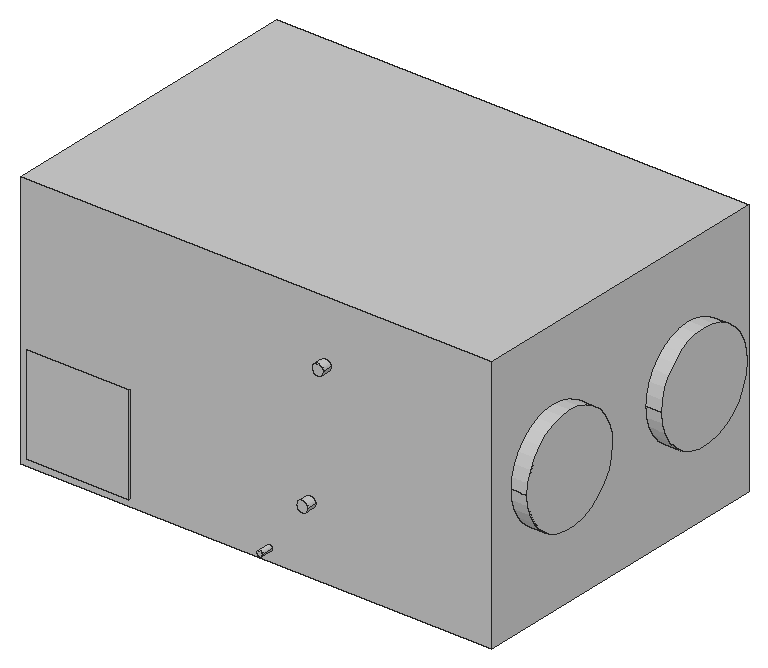
Revit family "BLAUBERG-KOMFORT_EC_DBW_2000", category Mechanical Equipment, Revit 2019
Family settings
  Round Connector Dimension = Use Diameter
  Classification = None
  Part Type = Normal
  OmniClass Number = 23.75.35.14
  OmniClass Title = Air Handling Units
  Work Plane-Based = No
  Always vertical = Yes
  Cut with Voids When Loaded = No
  Shared = No
  Room Calculation Point = No
Parameters (values of type "KOMFORT EC DBW 2000 S21")
  Weight = 140.00 kg
  Plastic Material = Polypropylene Black
  LDrainCon1 = 661 mm
  HeaterSupplyConL = 540 mm
  HeaterSupplyConH = 158 mm
  HeaterReturnConL = 494 mm
  HeaterReturnConH = 658 mm
  Maximum Unit Power = 876 W
  Maximum Unit Current = 5.3 A
  Heater Pressure Drop [instance] = 0.0 Pa
  Heater Power [instance] = 0 W
  Heater Flow [instance] = 0.0 L/s
  Heater Connection Diameter = 32 mm
  Heat Exchanger Material = "aluminium"
  LDuctCon = 50 mm  # constant formula
  HandleL2 = 450 mm
  HandleL1 = 250 mm
  HandleB = 100 mm
  HDrainCon = 36 mm
  H = 762 mm
  DrainPipe = yes
  DrainD = if(Drain Connection Diameter = 0 mm, 1 mm, Drain Connection Diameter)  # 16 mm
  Drain Flow [instance] = 0.0 L/s
  Drain Connection Diameter = 16 mm
  LDrainCon = 35 mm
  DPS_H = 93 mm
  DPS_B2 = 292 mm
  DPS_B1 = 302 mm
  Bottom Maintenance Zone Height = 600 mm
  B2 = 225 mm
  Air Flow Factor [instance] = 1  # constant formula
  B1 = 225 mm
  Air Flow Exhaust [instance] = 0 m³/h
  L = 1400 mm
  Voltage = 400 V
  URL = "https://blaubergventilatoren.de/en/product/komfort-ec-dbw-2000-s21"
  Type Comments = "Air Handling Unit KOMFORT EC DBW 2000 S21"
  Transported Air Temperature (°C) = "-25…+40"
  Supply Air Filter = "G4"
  Sound Pressure Level at 3 m (dBA) = 36
  SEC Class = "NRVU"
  RPM (min-1) = 2920
  Power Factor = 1
  Power = Maximum Unit Power  # 876 W
  Number of Poles = 3
  Model = "KOMFORT EC DBW 2000 S21"
  Maximum Air Flow = 2100 m³/h
  Manufacturer = "Blauberg"
  Maintenance Zone Material = Maintenance Zone
  Side Maintenance Zone Height = 500 mm
  Maintenance Zone [instance] = no
  Load Classification = HVAC
  B = 950 mm
  Heat recovery efficiency (%) = "50..67"
  Heat Exchanger Type = "cross-flow"
  H1 = 367 mm
  Family Version = "1.0"  # constant formula
  Extract Air Filter = "G4"
  Duct Connection Diameter = 315 mm
  Description = "Air Handling Unit"
  D = Duct Connection Diameter  # 315 mm
  Current = Maximum Unit Current  # 5.3 A
  Copyright = "©Blauberg"
  Casing Material = Metal Zinc
  Apparent Power [instance] = Power / Power Factor  # 876 VA
  Air Flow Supply [instance] = 0 m³/h
Reference planes
  plane 1 "Center (Front/Back)": y = 0
  plane 2: z = 0
  plane 3 "Center (Left/Right)": x = 0
  plane 4 "Back": y = 475
  plane 5 "Front": y = -475
  plane 6 "L": x = -700
  plane 7 "R": x = 700
  plane 8 "DuctConB2": y = 250
  plane 9 "DuctConB1": y = -250
  plane 10: x = -750
  plane 11: x = 750
  plane 12 "Top": z = 367
  plane 13 "Bottom": z = -395
  plane 14 "DrainConH": z = -359
  plane 15 "DrainConL2": x = 39
  plane 16 "S": y = -510
  plane 17 "DPS_H": z = -302
  plane 18: y = 510
  plane 19 "DPSB1": y = 173
  plane 20 "DPSB2": y = -183
  plane 21: x = -680
  plane 22: x = -375
  plane 23: z = -375
  plane 24: z = -85
  plane 25 "HandleL1": x = -450
  plane 26 "HandleL2": x = 250
  plane 27 "HandleB": y = -375
  plane 28 "HeaterSupplyConL": x = 160
  plane 29 "HeaterReturnConL": x = 206
  plane 30 "HeaterReturnConH": z = 185.265
  plane 31 "HeaterSupplyConH": z = -194.735
Forms (mm)
  Extrusion 1, solid, material "Metal Zinc" <- "Casing Material", detail levels medium+fine
    sketch origin (0, 0, 0) x (1, 0, 0) y (0, 1, 0)
      loop
        line (-700, 475) -> (-700, -475) -> (700, -475) -> (700, 475) -> (-700, 475)
    from -395 to 367
  Extrusion 2, solid, material "Metal Zinc" <- "Casing Material", detail levels medium+fine
    sketch origin (-700, 0, 0) x (0, 1, 0) y (0, 0, 1)
      loop
        circle (250, 0) r 157.5
      loop
        circle (-250, 0) r 157.5
    from 0 to -50
  Extrusion 3, solid, material "Metal Zinc" <- "Casing Material", detail levels medium+fine
    sketch origin (700, 0, 0) x (0, 1, 0) y (0, 0, 1)
      loop
        circle (250, 0) r 157.5
      loop
        circle (-250, 0) r 157.5
    from 0 to 50
  Extrusion 4, solid, material "Metal Zinc" <- "Casing Material", visible <- "DrainPipe", detail levels medium+fine
    sketch origin (0, -475, 0) x (-1, 0, 0) y (0, 0, 1)
      loop
        circle (-39, -359) r 8
    from 0 to -35
  Extrusion 5, solid, material "Metal Zinc" <- "Casing Material", visible <- "DrainPipe", detail levels medium+fine
    sketch origin (0, 475, 0) x (-1, 0, 0) y (0, 0, 1)
      loop
        circle (-39, -359) r 8
    from 0 to 35
  Extrusion 6, solid, material "Metal Zinc" <- "Casing Material", detail levels medium+fine
    sketch origin (0, -475, 0) x (-1, 0, 0) y (0, 0, 1)
      loop
        line (680, -85) -> (375, -85) -> (375, -375) -> (680, -375) -> (680, -85)
    from 0 to -2
  Extrusion 7, solid, material "Metal Zinc" <- "Casing Material", detail levels medium+fine
    sketch origin (-700, 0, 0) x (0, 1, 0) y (0, 0, 1)
      loop
        circle (-430, -305) r 10
    from 0 to -2
  Extrusion 8, solid, material "Metal Zinc" <- "Casing Material", detail levels medium+fine
    sketch origin (0, -475, 0) x (-1, 0, 0) y (0, 0, 1)
      loop
        circle (-206, 185.265) r 16
      loop
        circle (-160, -194.735) r 16
    from 0 to -28
Lines and regions (mm)
  model lines, detail levels coarse
    curve 1: line (-700, 475, 0) -> (700, 475, 0)
    curve 2: line (-700, -475, 0) -> (-700, 475, 0)
    curve 3: line (700, -475, 0) -> (-700, -475, 0)
    curve 4: line (700, 475, 0) -> (700, -475, 0)
    curve 5: line (-700, 250, 0) -> (-750, 250, 0)
    curve 6: line (-700, -250, 0) -> (-750, -250, 0)
    curve 7: line (700, -250, 0) -> (750, -250, 0)
    curve 8: line (700, 250, 0) -> (750, 250, 0)
Dimensions and locks
  equal spacing: plane 6 "L", plane 3 "Center (Left/Right)", plane 7 "R"
  "L": plane 6 "L" to plane 7 "R"
  equal spacing: plane 4 "Back", plane 1 "Center (Front/Back)", plane 5 "Front"
  "B": plane 4 "Back" to plane 5 "Front"
  "B1": plane 4 "Back" to plane 8 "DuctConB2"
  "B2": plane 9 "DuctConB1" to plane 5 "Front"
  "LDuctCon": plane 10 to plane 6 "L"
  "LDuctCon": plane 7 "R" to plane 11
  "H1": plane 12 "Top" to level
  "H": plane 12 "Top" to plane 13 "Bottom"
  "HDrainCon": plane 14 "DrainConH" to plane 13 "Bottom"
  "LDrainCon1": plane 15 "DrainConL2" to plane 7 "R"
  "LDrainCon": plane 5 "Front" to plane 16 "S"
  "LDrainCon": plane 18 to plane 4 "Back"
  locked: plane 21 to plane 6 "L" at 20
  locked: plane 23 to plane 13 "Bottom" at 20
  locked: plane 22 to plane 21 at 305
  locked: plane 24 to plane 23 at 290
  locked: Extrusion 7 sketch curve to plane 13 "Bottom" at 90
  locked: Extrusion 7 sketch curve to plane 5 "Front" at 45
  "HandleL1": plane 6 "L" to plane 25 "HandleL1"
  "HandleL2": plane 26 "HandleL2" to plane 7 "R"
  "HandleB": plane 27 "HandleB" to plane 5 "Front"
  "DPS_B1": plane 4 "Back" to plane 19 "DPSB1"
  "DPS_B2": plane 20 "DPSB2" to plane 5 "Front"
  "DPS_H": plane 17 "DPS_H" to plane 13 "Bottom"
  "HeaterReturnConL": plane 29 "HeaterReturnConL" to plane 7 "R"
  "HeaterSupplyConL": plane 28 "HeaterSupplyConL" to plane 7 "R"
  "D": diameter of Extrusion 2 sketch curve  (x2)
  "D": diameter of Extrusion 3 sketch curve  (x2)
  "DrainD": diameter of Extrusion 4 sketch curve
  "DrainD": diameter of Extrusion 5 sketch curve
  "Heater Connection Diameter": diameter of Extrusion 8 sketch curve  (x2)
  aligned and locked: level to plane 2
  aligned and locked: Extrusion 1 sketch curve to plane 4 "Back"
  aligned and locked: plane 6 "L" to Extrusion 1 sketch curve
  aligned and locked: plane 5 "Front" to Extrusion 1 sketch curve
  aligned and locked: Extrusion 1 sketch curve to plane 7 "R"
  aligned and locked: plane 12 "Top" to Extrusion 1
  aligned and locked: Extrusion 1 to plane 13 "Bottom"
  aligned and locked: plane 11 to Extrusion 3
  aligned and locked: Extrusion 2 to plane 10
  aligned and locked: Extrusion 4 to plane 16 "S"
  aligned and locked: curve 3 to Extrusion 1
  aligned and locked: curve 4 to Extrusion 1
  aligned and locked: plane 10 to curve 5
  aligned and locked: plane 6 "L" to curve 5
  aligned and locked: plane 8 "DuctConB2" to curve 5
  aligned and locked: plane 10 to curve 6
  aligned and locked: plane 6 "L" to curve 6
  aligned and locked: plane 9 "DuctConB1" to curve 6
  aligned and locked: plane 11 to curve 7
  aligned and locked: plane 7 "R" to curve 7
  aligned and locked: curve 7 to plane 9 "DuctConB1"
  aligned and locked: plane 11 to curve 8
  aligned and locked: curve 8 to plane 8 "DuctConB2"
  aligned and locked: plane 18 to Extrusion 5
  aligned and locked: Extrusion 6 sketch curve to plane 24
  aligned and locked: Extrusion 6 sketch curve to plane 21
  aligned and locked: Extrusion 6 sketch curve to plane 22
  aligned and locked: plane 23 to Extrusion 6 sketch curve
  aligned and locked: plane 3 "Center (Left/Right)" to nested 1
  aligned and locked: nested 1 to plane 5 "Front"
  aligned and locked: plane 13 "Bottom" to nested 1
  aligned and locked: plane 3 "Center (Left/Right)" to nested 2
  aligned and locked: nested 2 to plane 13 "Bottom"
  aligned and locked: nested 2 to plane 4 "Back"
  aligned and locked: plane 25 "HandleL1" to nested 3
  aligned and locked: nested 3 to plane 27 "HandleB"
  aligned and locked: nested 4 to plane 27 "HandleB"
  aligned and locked: plane 26 "HandleL2" to nested 4
  aligned and locked: plane 19 "DPSB1" to nested 5
  aligned and locked: plane 20 "DPSB2" to nested 6
  aligned and locked: plane 17 "DPS_H" to nested 5
  aligned and locked: plane 17 "DPS_H" to nested 6
Automatic sketch dimensions
  curve 2 to plane 4 "Back" = 0 mm
  Extrusion 2 sketch curve to level = 0 mm  (x2)
  Extrusion 2 sketch curve to plane 9 "DuctConB1" = 0 mm
  Extrusion 2 sketch curve to plane 8 "DuctConB2" = 0 mm
  Extrusion 3 sketch curve to level = 0 mm  (x2)
  Extrusion 3 sketch curve to plane 9 "DuctConB1" = 0 mm
  Extrusion 3 sketch curve to plane 8 "DuctConB2" = 0 mm
  Extrusion 4 sketch curve to plane 14 "DrainConH" = 0 mm
  Extrusion 4 sketch curve to plane 15 "DrainConL2" = 0 mm
  Extrusion 5 sketch curve to plane 14 "DrainConH" = 0 mm
  Extrusion 5 sketch curve to plane 15 "DrainConL2" = 0 mm
  Extrusion 8 sketch curve to plane 29 "HeaterReturnConL" = 0 mm
  Extrusion 8 sketch curve to plane 28 "HeaterSupplyConL" = 0 mm
  Extrusion 8 sketch curve to plane 31 "HeaterSupplyConH" = 0 mm
  Extrusion 8 sketch curve to plane 30 "HeaterReturnConH" = 0 mm
  radius of Extrusion 7 sketch curve = 10 mm
Nested families
  nested 1: "MaintenanceZone_Rect" at (0, -725, 367), visible <- "Maintenance Zone", type "Side", detail levels medium+fine
    with Maintenance Zone Length 1400 mm, Maintenance Zone Height 762 mm
  nested 2: "MaintenanceZone_Rect" at (0, -475, -695) x (1, 0, 0) z (0, -1, 0), visible <- "Maintenance Zone", type "Bottom", detail levels medium+fine
    with Maintenance Zone Width 600 mm, Maintenance Zone Length 1400 mm, Maintenance Zone Height 950 mm
  nested 3: "Handle" at (-450, -375, -395) x (1, 0, 0) z (0, 0, -1), type "Handle", detail levels medium+fine
  nested 4: "Handle" at (250, -375, -395) x (1, 0, 0) z (0, 0, -1), type "Handle", detail levels medium+fine
  nested 5: "DPS" at (-700, 173, -302) x (0, 0, 1) z (-1, 0, 0), type "DPS", detail levels medium+fine
  nested 6: "DPS" at (-700, -183, -302) x (0, 0, 1) z (-1, 0, 0), type "DPS", detail levels medium+fine
Connectors
  hvac at (750, -250, 0), driven by "Duct Connection Diameter", driven by "Air Flow Supply"
    settings: on Extrusion 3, index 2, duct flow 0 m³/h, flow factor 0, pres drop 0.0 Pa, loss coef 0, conn angle 0.00°, conn width 304.8 mm, conn height 304.8 mm, conn diameter 315 mm, duct sys type 1, conn prof type 0, flow config 0, flow direction 2, loss method 0, conn ref index -1, conn util no, is conn primary yes, conn desc "Supply Air"
  hvac at (750, 250, 0), driven by "Duct Connection Diameter", driven by "Air Flow Exhaust"
    settings: on Extrusion 3, index 3, duct flow 0 m³/h, flow factor 0, pres drop 0.0 Pa, loss coef 0, conn angle 0.00°, conn width 304.8 mm, conn height 304.8 mm, conn diameter 315 mm, duct sys type 3, conn prof type 0, flow config 0, flow direction 1, loss method 0, conn ref index -1, conn util no, is conn primary no, conn desc "Extract Air"
  hvac at (-750, 250, 0), driven by "Duct Connection Diameter", driven by "Air Flow Supply"
    settings: on Extrusion 2, index 4, duct flow 0 m³/h, flow factor 0, pres drop 0.0 Pa, loss coef 0, conn angle 0.00°, conn width 304.8 mm, conn height 304.8 mm, conn diameter 315 mm, duct sys type 1, conn prof type 0, flow config 1, flow direction 1, loss method 0, conn ref index -1, conn util no, is conn primary no, conn desc "Intake Air"
  hvac at (-750, -250, 0), driven by "Duct Connection Diameter", driven by "Air Flow Exhaust"
    settings: on Extrusion 2, index 5, duct flow 0 m³/h, flow factor 0, pres drop 0.0 Pa, loss coef 0, conn angle 0.00°, conn width 304.8 mm, conn height 304.8 mm, conn diameter 315 mm, duct sys type 3, conn prof type 0, flow config 1, flow direction 2, loss method 0, conn ref index -1, conn util no, is conn primary no, conn desc "Exhaust Air"
  piping at (39, -510, -359), diameter 16, driven by "Drain Connection Diameter", driven by "Drain Flow"
    settings: on Extrusion 4, index 7, connector inside diameter 609.6 mm, connector length 0 mm, flow factor 0, pipe flow 0.0 L/s, pressure drop 0.0 Pa, fitting loss kfactor 0, connector angle 0.00°, fixture units 0, engagement length 0 mm, angle of deflection 0.00°, flow configuration 1, flow direction 2, fitting loss method 0, system type 16, joint type 0, gender type 0, connector reference index -1, connector utility 0, adjustable connector no, is connector primary yes, connector description "Drain"
  piping at (39, 510, -359), diameter 16, driven by "Drain Connection Diameter", driven by "Drain Flow"
    settings: on Extrusion 5, index 8, connector inside diameter 609.6 mm, connector length 0 mm, flow factor 0, pipe flow 0.0 L/s, pressure drop 0.0 Pa, fitting loss kfactor 0, connector angle 0.00°, fixture units 0, engagement length 0 mm, angle of deflection 0.00°, flow configuration 1, flow direction 2, fitting loss method 0, system type 16, joint type 0, gender type 0, connector reference index -1, connector utility 0, adjustable connector no, is connector primary no, connector description ""
  electrical at (-702, -430, -305), driven by "Number of Poles", driven by "Load Classification", driven by "Voltage", driven by "Apparent Power", driven by "Power Factor"
    settings: on Extrusion 7, index 9, voltage 400 V, apparent load 876 VA, apparent load phase1 0 VA, apparent load phase2 0 VA, apparent load phase3 0 VA, power factor 1, load classification "HVAC", number of poles 3, system type 30, power factor state 1, is connector primary yes, connector utility no, sub classification motor no, connector description ""
  piping at (206, -503, 185.265), diameter 32, driven by "Heater Connection Diameter", driven by "Heater Flow", driven by "Heater Pressure Drop"
    settings: on Extrusion 8, index 10, connector inside diameter 609.6 mm, connector length 0 mm, flow factor 0, pipe flow 0.0 L/s, pressure drop 0.0 Pa, fitting loss kfactor 0, connector angle 0.00°, fixture units 0, engagement length 0 mm, angle of deflection 0.00°, flow configuration 1, flow direction 2, fitting loss method 4, system type 8, joint type 0, gender type 0, connector reference index -1, connector utility 0, adjustable connector no, is connector primary no, connector description "Water outlet"
  piping at (160, -503, -194.735), diameter 32, driven by "Heater Connection Diameter", driven by "Heater Flow", driven by "Heater Pressure Drop"
    settings: on Extrusion 8, index 11, connector inside diameter 609.6 mm, connector length 0 mm, flow factor 0, pipe flow 0.0 L/s, pressure drop 0.0 Pa, fitting loss kfactor 0, connector angle 0.00°, fixture units 0, engagement length 0 mm, angle of deflection 0.00°, flow configuration 1, flow direction 1, fitting loss method 4, system type 7, joint type 0, gender type 0, connector reference index -1, connector utility 0, adjustable connector no, is connector primary no, connector description "Water inlet"
Definition of nested family "MaintenanceZone_Rect"
  Parameters (values of type "MaintenanceZone_Rect")
    Maintenance Zone Width = 500 mm
    Material = none
    Maintenance Zone Length = 1000 mm
    Maintenance Zone Height = 300 mm
    Family Version = ""
    Default Elevation = 1219.2 mm
    Copyright = ""
  Reference planes
    plane 1 "Center (Front/Back)": y = 0
    plane 2: z = 0
    plane 3 "Center (Left/Right)": x = 0
    plane 4: x = -500
    plane 5: x = 500
    plane 6: y = 250
    plane 7: y = -250
    plane 8: z = -300
  Forms (mm)
    Extrusion 1, solid, material <- "Material", detail levels medium+fine
      sketch origin (0, 0, 0) x (1, 0, 0) y (0, 1, 0)
        loop
          line (-500, 250) -> (-500, -250) -> (500, -250) -> (500, 250) -> (-500, 250)
      from 0 to -300
  Lines and regions (mm)
    symbolic lines, detail levels medium+fine
      curve 1: line (-500, 0, 0) -> (500, 0, 0)
      curve 2: line (-500, 0, -300) -> (-500, 0, 0)
      curve 3: line (500, 0, -300) -> (-500, 0, -300)
      curve 4: line (500, 0, 0) -> (500, 0, -300)
      curve 5: line (0, 250, 0) -> (0, -250, 0)
      curve 6: line (0, 250, -300) -> (0, 250, 0)
      curve 7: line (0, -250, -300) -> (0, 250, -300)
      curve 8: line (0, -250, 0) -> (0, -250, -300)
      curve 9: line (-500, 250, 0) -> (500, 250, 0)
      curve 10: line (-500, -250, 0) -> (-500, 250, 0)
      curve 11: line (500, -250, 0) -> (-500, -250, 0)
      curve 12: line (500, 250, 0) -> (500, -250, 0)
  Dimensions and locks
    equal spacing: plane 6, plane 1 "Center (Front/Back)", plane 7
    equal spacing: plane 4, plane 3 "Center (Left/Right)", plane 5
    "Maintenance Zone Width": plane 6 to plane 7
    "Maintenance Zone Length": plane 4 to plane 5
    "Maintenance Zone Height": plane 2 to plane 8
    aligned and locked: level to plane 2
    aligned and locked: Extrusion 1 sketch curve to plane 6
    aligned and locked: plane 4 to Extrusion 1 sketch curve
    aligned and locked: plane 7 to Extrusion 1 sketch curve
    aligned and locked: Extrusion 1 sketch curve to plane 5
    aligned and locked: Extrusion 1 to plane 8
    aligned and locked: curve 1 to Extrusion 1
    aligned and locked: curve 2 to Extrusion 1
    aligned and locked: curve 3 to Extrusion 1
    aligned and locked: curve 4 to Extrusion 1
    aligned and locked: curve 5 to Extrusion 1
    aligned and locked: curve 6 to Extrusion 1
    aligned and locked: curve 7 to Extrusion 1
    aligned and locked: curve 8 to Extrusion 1
    aligned and locked: curve 9 to Extrusion 1
    aligned and locked: curve 10 to Extrusion 1
    aligned and locked: curve 11 to Extrusion 1
    aligned and locked: curve 12 to Extrusion 1
Definition of nested family "Handle"
  Parameters (values of type "Handle")
    W = 24 mm
    Material = none
    L1 = 98 mm
    L = 145 mm
    H = 40 mm
    Default Elevation = 1219.2 mm
  Reference planes
    plane 1 "Center (Front/Back)": y = 0
    plane 2: z = 0
    plane 3 "Center (Left/Right)": x = 0
    plane 4: x = -72.5
    plane 5: x = 72.5
    plane 6: y = 12
    plane 7 "bottom": y = -12
    plane 8: x = -49
    plane 9: x = 49
    plane 10: z = 40
    plane 11: z = 26
  Forms (mm)
    Extrusion 1, solid, material <- "Material"
      sketch origin (0, 0, 0) x (1, 0, 0) y (0, 0, 1)
        loop
          line (-72.5, 0) -> (-41, 0) -> (-41, 16.533)
          arc (-41, 16.533) -> (-39.762, 20.813) -> (-36.43, 23.771) r 8.016
          arc (-36.43, 23.771) -> (0.006, 32) -> (36.44, 23.766) r 84.75
          arc (36.44, 23.766) -> (39.765, 20.814) -> (41, 16.543) r 8
          line (41, 16.543) -> (41, 0) -> (72.5, 0) -> (72.5, 7.018) -> (49, 7.018) -> (49, 21.445)
          arc (49, 21.445) -> (47.896, 25.489) -> (44.892, 28.412) r 7.962
          arc (44.892, 28.412) -> (0.015, 40) -> (-44.865, 28.427) r 92.75
          arc (-44.865, 28.427) -> (-47.889, 25.486) -> (-49, 21.417) r 8.01
          line (-49, 21.417) -> (-49, 7.018) -> (-72.5, 7.018) -> (-72.5, 0)
      from -12 to 12
  Dimensions and locks
    equal spacing: plane 5, plane 3 "Center (Left/Right)", plane 4
    "L": plane 5 to plane 4
    equal spacing: plane 9, plane 3 "Center (Left/Right)", plane 8
    "L1": plane 9 to plane 8
    "H": plane 10 to level
    plane 11 to level = 26 mm
    "W": plane 6 to plane 7 "bottom"
    equal spacing: plane 6, plane 1 "Center (Front/Back)", plane 7 "bottom"
    aligned and locked: level to plane 2
    aligned and locked: plane 6 to Extrusion 1
    aligned and locked: Extrusion 1 to plane 7 "bottom"
  Automatic sketch dimensions
    Extrusion 1 sketch curve to Extrusion 1 sketch curve = 0 mm  (x4)
    Extrusion 1 sketch curve to level = 0 mm  (x2)
    Extrusion 1 sketch curve to plane 4 = 0 mm
    Extrusion 1 sketch curve to plane 8 = 0 mm
    Extrusion 1 sketch curve to plane 3 "Center (Left/Right)" = 0 mm
    Extrusion 1 sketch curve to plane 9 = 0 mm
    Extrusion 1 sketch curve to plane 5 = 0 mm
    plane 8 to Extrusion 1 sketch curve = 8 mm
    Extrusion 1 sketch curve to Extrusion 1 sketch curve = 0.01 mm
    Extrusion 1 sketch curve to Extrusion 1 sketch curve = 8.016 mm
    Extrusion 1 sketch curve to plane 9 = 16 mm
    Extrusion 1 sketch curve to plane 9 = 8 mm
    Extrusion 1 sketch curve to Extrusion 1 sketch curve = 0.038 mm
    Extrusion 1 sketch curve to level = 52.75 mm
    level to Extrusion 1 sketch curve = 7.018 mm  (x2)
    Extrusion 1 sketch curve to plane 11 = 9.467 mm
    Extrusion 1 sketch curve to plane 11 = 9.457 mm
    Extrusion 1 sketch curve to plane 11 = 4.583 mm
    Extrusion 1 sketch curve to plane 11 = 4.555 mm
Definition of nested family "DPS"
  Parameters (values of type "DPS")
    W1 = 65 mm
    Thikness = 2 mm
    Material = none
    H1 = 47 mm
    Default Elevation = 1219.2 mm
  Reference planes
    plane 1 "Center (Front/Back)": y = 0
    plane 2: z = 0
    plane 3 "Center (Left/Right)": x = 0
    plane 4: z = 47
    plane 5: z = 51.5
    plane 6: z = 75.5
    plane 7: z = 78
    plane 8: z = 92
    plane 9: z = 86
    plane 10: x = -32.5
    plane 11: x = 32.5
    plane 12 "1": y = 50
    plane 13: y = 48
    plane 14: z = 45
    plane 15 "2": y = -22
    plane 16: z = 64
  Forms (mm)
    Revolve 1, solid, material <- "Material"
      sketch origin (0, 0, 0) x (1, 0, 0) y (0, 0, 1)
        loop
          line (-40.5, 47) -> (0, 47) -> (0, 92) -> (-31, 92) -> (-35, 86) -> (-35, 78) -> (-37.309, 78) -> (-37.309, 75.5) -> (-36, 75.5) -> (-36, 51.5) -> (-40.5, 51.5) -> (-40.5, 47)
        axis (0, 92) -> (0, 47)
      angle from 0 to 360
    Extrusion 2, solid, material <- "Material"
      sketch origin (0, 0, 0) x (0, 1, 0) y (0, 0, 1)
        loop
          line (50, 0) -> (50, 47) -> (0, 47) -> (0, 45) -> (48, 45) -> (48, 0) -> (50, 0)
      from -32.5 to 32.5
    Extrusion 3, solid, material <- "Material"
      sketch origin (0, 0, 0) x (0, 1, 0) y (0, 0, 1)
        loop
          circle (-22, 64) r 10
      from 0 to 50
  Cuts and joins
    joined: Revolve 1, Extrusion 3
  Dimensions and locks
    locked: plane 5 to plane 4 at 4.5
    locked: plane 6 to plane 5 at 24
    locked: plane 7 to plane 6 at 2.5
    locked: plane 8 to plane 9 at 6
    locked: plane 9 to plane 7 at 8
    "H1": plane 4 to level
    equal spacing: plane 11, plane 3 "Center (Left/Right)", plane 10
    "W1": plane 11 to plane 10
    "Thikness": plane 4 to plane 14
    "Thikness": plane 12 "1" to plane 13
    locked: plane 1 "Center (Front/Back)" to plane 12 "1" at 50
    locked: plane 15 "2" to plane 1 "Center (Front/Back)" at 22
    plane 16 to plane 4 = 17 mm
    aligned and locked: level to plane 2
    aligned and locked: Revolve 1 sketch curve to plane 3 "Center (Left/Right)"  (x2)
    aligned and locked: plane 6 to Revolve 1 sketch curve
    aligned and locked: plane 7 to Revolve 1 sketch curve
    aligned and locked: plane 5 to Revolve 1 sketch curve
    aligned and locked: plane 8 to Revolve 1 sketch curve
    aligned and locked: Extrusion 2 sketch curve to plane 13
    aligned and locked: plane 14 to Extrusion 2 sketch curve
    aligned and locked: Extrusion 2 sketch curve to plane 1 "Center (Front/Back)"
    aligned and locked: Extrusion 2 to plane 10
    aligned and locked: plane 11 to Extrusion 2
  Automatic sketch dimensions
    Revolve 1 sketch curve to plane 4 = 0 mm
    Revolve 1 sketch curve to plane 9 = 0 mm
    Revolve 1 sketch curve to plane 3 "Center (Left/Right)" = 31 mm
    Revolve 1 sketch curve to Revolve 1 sketch curve = 4 mm
    Revolve 1 sketch curve to Revolve 1 sketch curve = 1 mm
    Revolve 1 sketch curve to Revolve 1 sketch curve = 1.309 mm
    Revolve 1 sketch curve to Revolve 1 sketch curve = 4.5 mm
    Revolve 1 sketch curve to Revolve 1 sketch curve = 27.818 mm
    Revolve 1 sketch curve to Revolve 1 sketch curve = 2.182 mm
    Extrusion 2 sketch curve to level = 0 mm
    Extrusion 2 sketch curve to plane 12 "1" = 0 mm
    Extrusion 2 sketch curve to plane 4 = 0 mm
    Extrusion 3 sketch curve to plane 15 "2" = 0 mm
    Extrusion 3 sketch curve to plane 16 = 0 mm
    radius of Extrusion 3 sketch curve = 10 mm
